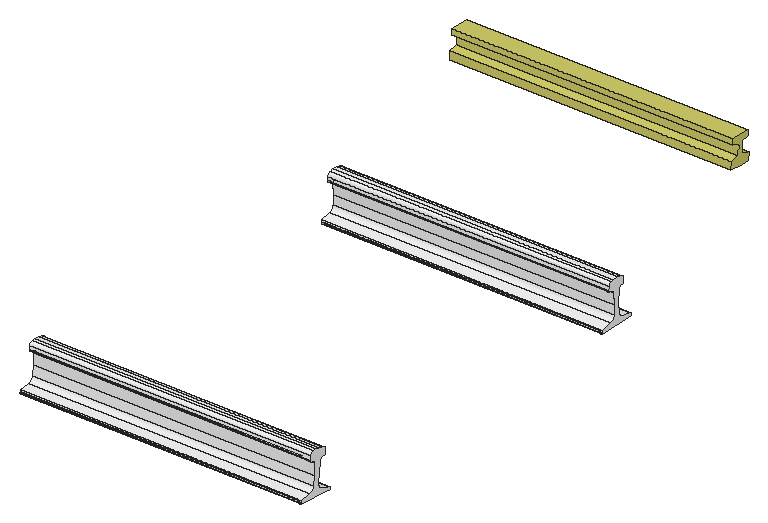
Revit family "L_Rails_ByLine", category Обобщенные модели, Revit 2021
Family settings
  Может служить основой для арматурных стержней = Нет
  Размер круглого соединителя = Использовать диаметр
  Тип детали = Нормальный
  При загрузке вырезать с полостями = Нет
  Общий = Нет
  Точка принадлежности помещению = Нет
Parameters (values of type "L")
  Default Elevation = 0 mm
  built-in parameter 1001306 [instance] = 1200 mm
  Length [instance] = [built-in parameter 1001306]  # 1200 mm
Reference planes
  plane 1 "По центру (Вперед/Назад)": y = 0
  plane 2: z = 0
  plane 3 "Слева": x = 0
  plane 4 "Справа": x = 1200
Forms (mm)
  Sweep 1, solid, material "Металл - Сталь"
    path origin (0, -84.609, 0) x (1, 0, 0) y (0, 1, 0)
      loop
        line (0, 0) -> (1200, 0)
    profile origin (600, -84.609, 0) x (0, 1, 0) y (0, 0, 1)
      loop
        arc (-895.274, 203.009) -> (-891.834, 209.185) -> (-885.515, 212.353) r 12
        line (-885.515, 212.353) -> (-872.857, 214.469)
        arc (-872.857, 214.469) -> (-869.914, 216.113) -> (-868.683, 219.251) r 5
        line (-868.683, 219.251) -> (-868.209, 235.062)
        arc (-868.209, 235.062) -> (-871.052, 244.369) -> (-879.008, 249.972) r 15
        arc (-879.008, 249.972) -> (-886.132, 251.68) -> (-893.383, 252.729) r 80
        arc (-893.383, 252.729) -> (-903.343, 253.627) -> (-913.32, 254.326) r 500
        arc (-913.32, 254.326) -> (-920.645, 254.445) -> (-927.951, 253.894) r 80
        arc (-927.951, 253.894) -> (-936.697, 249.628) -> (-940.986, 240.893) r 15
        line (-940.986, 240.893) -> (-943.035, 225.208)
        arc (-943.035, 225.208) -> (-942.32, 221.914) -> (-939.676, 219.823) r 5
        line (-939.676, 219.823) -> (-927.517, 215.718)
        arc (-927.517, 215.718) -> (-921.782, 211.584) -> (-919.369, 204.94) r 12
        arc (-919.369, 204.94) -> (-918.963, 181.037) -> (-920.102, 157.158) r 370
        arc (-920.102, 157.158) -> (-922.075, 138.206) -> (-924.949, 119.37) r 400
        arc (-924.949, 119.37) -> (-931.973, 105.966) -> (-945.444, 99.071) r 25
        line (-945.444, 99.071) -> (-988.507, 91.871)
        arc (-988.507, 91.871) -> (-990.794, 90.631) -> (-991.834, 88.245) r 4
        line (-991.834, 88.245) -> (-992.32, 82.186)
        arc (-992.32, 82.186) -> (-991.849, 80.729) -> (-990.486, 80.033) r 2
        line (-990.486, 80.033) -> (-844.952, 68.372)
        arc (-844.952, 68.372) -> (-843.496, 68.843) -> (-842.799, 70.206) r 2
        line (-842.799, 70.206) -> (-842.313, 76.266)
        arc (-842.313, 76.266) -> (-842.961, 78.786) -> (-845.021, 80.375) r 4
        line (-845.021, 80.375) -> (-886.389, 94.339)
        arc (-886.389, 94.339) -> (-898.589, 103.292) -> (-903.39, 117.643) r 25
        arc (-903.39, 117.643) -> (-903.228, 136.696) -> (-902.159, 155.72) r 400
        arc (-902.159, 155.72) -> (-899.481, 179.476) -> (-895.274, 203.009) r 370
  Sweep 2, solid, material "Металл - Сталь"
    path origin (0, 1492.188, 89.105) x (1, 0, 0) y (0, 1, 0)
      loop
        line (0, 0) -> (1200, 0)
    profile origin (600, 1492.188, 89.105) x (0, 1, 0) y (0, 0, 1)
      loop
        arc (-880.636, 116.905) -> (-890.636, 116.822) -> (-900.633, 116.539) r 500
        arc (-900.633, 116.539) -> (-907.935, 115.939) -> (-915.151, 114.673) r 80
        arc (-915.151, 114.673) -> (-923.437, 109.57) -> (-926.848, 100.456) r 15
        line (-926.848, 100.456) -> (-927.348, 84.646)
        arc (-927.348, 84.646) -> (-926.313, 81.438) -> (-923.477, 79.616) r 5
        line (-923.477, 79.616) -> (-910.974, 76.724)
        arc (-910.974, 76.724) -> (-904.861, 73.173) -> (-901.808, 66.797) r 12
        arc (-901.808, 66.797) -> (-899.059, 43.049) -> (-897.85, 19.173) r 370
        arc (-897.85, 19.173) -> (-897.954, 0.12) -> (-898.967, -18.907) r 400
        arc (-898.967, -18.907) -> (-904.642, -32.935) -> (-917.371, -41.119) r 25
        line (-917.371, -41.119) -> (-959.52, -52.509)
        arc (-959.52, -52.509) -> (-961.675, -53.968) -> (-962.476, -56.444) r 4
        line (-962.476, -56.444) -> (-962.365, -62.521)
        arc (-962.365, -62.521) -> (-961.753, -63.925) -> (-960.328, -64.485) r 2
        line (-960.328, -64.485) -> (-814.353, -61.811)
        arc (-814.353, -61.811) -> (-812.949, -61.2) -> (-812.39, -59.775) r 2
        line (-812.39, -59.775) -> (-812.501, -53.697)
        arc (-812.501, -53.697) -> (-813.392, -51.252) -> (-815.599, -49.873) r 4
        line (-815.599, -49.873) -> (-858.137, -40.035)
        arc (-858.137, -40.035) -> (-871.157, -32.322) -> (-877.342, -18.511) r 25
        arc (-877.342, -18.511) -> (-879.05, 0.466) -> (-879.853, 19.503) r 400
        arc (-879.853, 19.503) -> (-879.518, 43.407) -> (-877.64, 67.239) r 370
        arc (-877.64, 67.239) -> (-874.823, 73.723) -> (-868.844, 77.495) r 12
        line (-868.844, 77.495) -> (-856.455, 80.843)
        arc (-856.455, 80.843) -> (-853.688, 82.768) -> (-852.771, 86.011) r 5
        line (-852.771, 86.011) -> (-853.85, 101.793)
        arc (-853.85, 101.793) -> (-857.592, 110.776) -> (-866.059, 115.572) r 15
        arc (-866.059, 115.572) -> (-873.317, 116.572) -> (-880.636, 116.905) r 80
  Sweep 3, solid, material "Steel_Yellow_ForContactRail"
    path origin (0, 2334.106, 314.974) x (1, 0, 0) y (0, 1, 0)
      loop
        line (0, 0) -> (1200, 0)
    profile origin (600, 2334.106, 314.974) x (0, 1, 0) y (0, 0, 1)
      loop
        line (-1110.151, 151.342) -> (-1110.847, 128.875) -> (-1080.66, 120.336) -> (-1082.068, 75.348) -> (-1117.389, 67.734) -> (-1118.399, 35.031)
        arc (-1118.399, 35.031) -> (-1096.003, 32.779) -> (-1073.527, 31.537) r 500
        arc (-1073.527, 31.537) -> (-1050.979, 31.309) -> (-1028.443, 32.098) r 500
        line (-1028.443, 32.098) -> (-1027.44, 64.806) -> (-1062.085, 74.68) -> (-1060.679, 119.72) -> (-1029.914, 126.228) -> (-1029.193, 148.717) -> (-1069.655, 150.039) -> (-1110.151, 151.342)
Lines and regions (mm)
  reference lines
    curve 1: line (0, 0, 0) -> (1200, 0, 0)
Dimensions and locks
  "built-in parameter 1001306": plane 3 "Слева" to plane 4 "Справа"
  "Length": Sweep 1 sketch curve to Sweep 1 sketch curve
  "Length": Sweep 2 sketch curve to Sweep 2 sketch curve
  "Length": Sweep 3 sketch curve to Sweep 3 sketch curve
  aligned and locked: plane 4 "Справа" to curve 1
  aligned and locked: plane 1 "По центру (Вперед/Назад)" to curve 1
  aligned and locked: plane 3 "Слева" to curve 1
  aligned and locked: level to plane 2
Automatic sketch dimensions
  profile plane to Sweep 2 sketch curve = 11.85 mm
  profile plane to Sweep 2 sketch curve = 1297.782 mm
  Sweep 2 sketch curve to Sweep 2 sketch curve = 29.995 mm  (x2)
  Sweep 2 sketch curve to profile plane = 56.444 mm
  Sweep 2 sketch curve to Sweep 2 sketch curve = 305.312 mm
  Sweep 2 sketch curve to profile plane = 62.521 mm
  Sweep 2 sketch curve to Sweep 2 sketch curve = 0.111 mm
  Sweep 2 sketch curve to Sweep 2 sketch curve = 2 mm  (x2)
  Sweep 2 sketch curve to profile plane = 64.485 mm
  Sweep 2 sketch curve to Sweep 2 sketch curve = 0.037 mm  (x2)
  Sweep 2 sketch curve to profile plane = 52.509 mm
  Sweep 2 sketch curve to Sweep 2 sketch curve = 2.956 mm
  Sweep 2 sketch curve to Sweep 2 sketch curve = 3.999 mm  (x2)
  profile plane to Sweep 2 sketch curve = 84.646 mm
  Sweep 2 sketch curve to Sweep 2 sketch curve = 32.172 mm
  profile plane to Sweep 2 sketch curve = 100.456 mm
  Sweep 2 sketch curve to Sweep 2 sketch curve = 0.501 mm
  Sweep 2 sketch curve to profile plane = 16.985 mm
  Sweep 2 sketch curve to Sweep 2 sketch curve = 35.627 mm
  profile plane to Sweep 2 sketch curve = 79.616 mm
  Sweep 2 sketch curve to Sweep 2 sketch curve = 3.871 mm
  Sweep 2 sketch curve to Sweep 2 sketch curve = 4.997 mm
  Sweep 2 sketch curve to profile plane = 41.119 mm
  Sweep 2 sketch curve to Sweep 2 sketch curve = 6.522 mm
  Sweep 2 sketch curve to Sweep 2 sketch curve = 9.8 mm
  Sweep 2 sketch curve to Sweep 2 sketch curve = 14.994 mm
  profile plane to Sweep 2 sketch curve = 76.724 mm
  Sweep 2 sketch curve to Sweep 2 sketch curve = 2.704 mm
  Sweep 2 sketch curve to Sweep 2 sketch curve = 15.942 mm
  Sweep 2 sketch curve to Sweep 2 sketch curve = 78.847 mm
  Sweep 2 sketch curve to Sweep 2 sketch curve = 17.132 mm
  profile plane to Sweep 2 sketch curve = 77.495 mm
  Sweep 2 sketch curve to Sweep 2 sketch curve = 42.129 mm
  Sweep 2 sketch curve to Sweep 2 sketch curve = 0.026 mm
  Sweep 2 sketch curve to Sweep 2 sketch curve = 3.13 mm
  Sweep 2 sketch curve to profile plane = 40.035 mm
  Sweep 2 sketch curve to Sweep 2 sketch curve = 40.83 mm
  Sweep 2 sketch curve to Sweep 2 sketch curve = 11.085 mm
  profile plane to Sweep 2 sketch curve = 80.843 mm
  Sweep 2 sketch curve to Sweep 2 sketch curve = 1.304 mm
  profile plane to Sweep 2 sketch curve = 101.793 mm
  Sweep 2 sketch curve to Sweep 2 sketch curve = 14.969 mm
  profile plane to Sweep 2 sketch curve = 86.011 mm
  Sweep 2 sketch curve to Sweep 2 sketch curve = 4.988 mm
  Sweep 2 sketch curve to profile plane = 15.678 mm
  Sweep 2 sketch curve to Sweep 2 sketch curve = 5.634 mm
  Sweep 2 sketch curve to Sweep 2 sketch curve = 41.636 mm
  Sweep 2 sketch curve to profile plane = 49.873 mm
  Sweep 2 sketch curve to Sweep 2 sketch curve = 0.901 mm
  Sweep 2 sketch curve to Sweep 2 sketch curve = 2.111 mm
  Sweep 2 sketch curve to profile plane = 61.811 mm
  Sweep 2 sketch curve to profile plane = 53.697 mm
  Sweep 2 sketch curve to profile plane = 59.775 mm
  profile plane to Sweep 2 sketch curve = 26.278 mm
  Sweep 2 sketch curve to Sweep 2 sketch curve = 302.586 mm
  Sweep 2 sketch curve to Sweep 2 sketch curve = 318.61 mm
  profile plane to Sweep 2 sketch curve = 12.399 mm
  Sweep 2 sketch curve to Sweep 2 sketch curve = 0.549 mm
  profile plane to Sweep 2 sketch curve = 36.591 mm
  Sweep 2 sketch curve to Sweep 2 sketch curve = 0.314 mm
  Sweep 2 sketch curve to Sweep 2 sketch curve = 11.691 mm
  Sweep 2 sketch curve to Sweep 2 sketch curve = 11.585 mm
  Sweep 2 sketch curve to Sweep 2 sketch curve = 0.416 mm
  Sweep 2 sketch curve to Sweep 2 sketch curve = 0.965 mm
  Sweep 2 sketch curve to Sweep 2 sketch curve = 3.298 mm
  Sweep 2 sketch curve to Sweep 2 sketch curve = 0 mm  (x3)
  Sweep 2 sketch curve to Sweep 2 sketch curve = 14.518 mm
  Sweep 2 sketch curve to Sweep 2 sketch curve = 11.817 mm
  Sweep 2 sketch curve to Sweep 2 sketch curve = 0.752 mm
  Sweep 3 sketch curve to Sweep 3 sketch curve = 0 mm  (x2)
  profile plane to Sweep 3 sketch curve = 35.031 mm
  profile plane to Sweep 3 sketch curve = 1118.399 mm
  profile plane to Sweep 3 sketch curve = 67.734 mm
  Sweep 3 sketch curve to Sweep 3 sketch curve = 1.011 mm
  profile plane to Sweep 3 sketch curve = 128.875 mm
  Sweep 3 sketch curve to Sweep 3 sketch curve = 6.542 mm
  profile plane to Sweep 3 sketch curve = 151.342 mm
  Sweep 3 sketch curve to Sweep 3 sketch curve = 0.696 mm
  profile plane to Sweep 3 sketch curve = 75.348 mm
  Sweep 3 sketch curve to Sweep 3 sketch curve = 35.321 mm
  profile plane to Sweep 3 sketch curve = 120.336 mm
  Sweep 3 sketch curve to Sweep 3 sketch curve = 30.187 mm
  profile plane to Sweep 3 sketch curve = 150.039 mm
  Sweep 3 sketch curve to Sweep 3 sketch curve = 11.005 mm
  profile plane to Sweep 3 sketch curve = 74.68 mm
  Sweep 3 sketch curve to Sweep 3 sketch curve = 19.983 mm
  profile plane to Sweep 3 sketch curve = 119.72 mm
  Sweep 3 sketch curve to Sweep 3 sketch curve = 19.98 mm
  Sweep 3 sketch curve to Sweep 3 sketch curve = 12.457 mm
  profile plane to Sweep 3 sketch curve = 126.228 mm
  Sweep 3 sketch curve to Sweep 3 sketch curve = 30.766 mm
  profile plane to Sweep 3 sketch curve = 148.717 mm
  Sweep 3 sketch curve to Sweep 3 sketch curve = 0.72 mm
  profile plane to Sweep 3 sketch curve = 32.098 mm
  Sweep 3 sketch curve to Sweep 3 sketch curve = 33.642 mm
  profile plane to Sweep 3 sketch curve = 64.806 mm
  Sweep 3 sketch curve to Sweep 3 sketch curve = 1.003 mm
  profile plane to Sweep 3 sketch curve = 31.537 mm
  level to Sweep 1 sketch curve = 189.103 mm
  profile plane to Sweep 1 sketch curve = 1318.824 mm
  Sweep 1 sketch curve to Sweep 1 sketch curve = 29.904 mm  (x2)
  level to Sweep 1 sketch curve = 82.186 mm
  Sweep 1 sketch curve to Sweep 1 sketch curve = 296.6 mm
  level to Sweep 1 sketch curve = 88.245 mm
  Sweep 1 sketch curve to Sweep 1 sketch curve = 0.485 mm
  level to Sweep 1 sketch curve = 80.033 mm
  Sweep 1 sketch curve to Sweep 1 sketch curve = 1.834 mm
  Sweep 1 sketch curve to Sweep 1 sketch curve = 0.16 mm  (x2)
  level to Sweep 1 sketch curve = 91.871 mm
  Sweep 1 sketch curve to Sweep 1 sketch curve = 3.328 mm
  Sweep 1 sketch curve to Sweep 1 sketch curve = 3.987 mm  (x2)
  Sweep 1 sketch curve to Sweep 1 sketch curve = 38.94 mm
  level to Sweep 1 sketch curve = 99.071 mm
  Sweep 1 sketch curve to Sweep 1 sketch curve = 4.122 mm
  Sweep 1 sketch curve to Sweep 1 sketch curve = 47.21 mm
  level to Sweep 1 sketch curve = 225.208 mm
  Sweep 1 sketch curve to Sweep 1 sketch curve = 6.531 mm
  Sweep 1 sketch curve to Sweep 1 sketch curve = 2.049 mm
  level to Sweep 1 sketch curve = 219.823 mm
  Sweep 1 sketch curve to Sweep 1 sketch curve = 3.359 mm
  Sweep 1 sketch curve to Sweep 1 sketch curve = 4.958 mm
  Sweep 1 sketch curve to Sweep 1 sketch curve = 8.322 mm
  level to Sweep 1 sketch curve = 215.718 mm
  Sweep 1 sketch curve to Sweep 1 sketch curve = 3.838 mm
  Sweep 1 sketch curve to Sweep 1 sketch curve = 14.881 mm
  Sweep 1 sketch curve to Sweep 1 sketch curve = 13.075 mm
  Sweep 1 sketch curve to Sweep 1 sketch curve = 17.08 mm
  level to Sweep 1 sketch curve = 94.339 mm
  Sweep 1 sketch curve to Sweep 1 sketch curve = 59.055 mm
  level to Sweep 1 sketch curve = 212.353 mm
  Sweep 1 sketch curve to Sweep 1 sketch curve = 42.002 mm
  Sweep 1 sketch curve to Sweep 1 sketch curve = 1.979 mm
  Sweep 1 sketch curve to Sweep 1 sketch curve = 2.314 mm
  Sweep 1 sketch curve to Sweep 1 sketch curve = 7.996 mm
  Sweep 1 sketch curve to Sweep 1 sketch curve = 11.834 mm
  level to Sweep 1 sketch curve = 214.469 mm
  Sweep 1 sketch curve to Sweep 1 sketch curve = 0.824 mm
  level to Sweep 1 sketch curve = 219.251 mm
  Sweep 1 sketch curve to Sweep 1 sketch curve = 4.998 mm
  level to Sweep 1 sketch curve = 235.062 mm
  Sweep 1 sketch curve to Sweep 1 sketch curve = 14.991 mm
  Sweep 1 sketch curve to Sweep 1 sketch curve = 40.088 mm
  level to Sweep 1 sketch curve = 80.375 mm
  Sweep 1 sketch curve to Sweep 1 sketch curve = 1.279 mm
  level to Sweep 1 sketch curve = 68.372 mm
  Sweep 1 sketch curve to Sweep 1 sketch curve = 1.348 mm
  level to Sweep 1 sketch curve = 70.206 mm
  Sweep 1 sketch curve to Sweep 1 sketch curve = 1.994 mm
  level to Sweep 1 sketch curve = 76.266 mm
  level to Sweep 1 sketch curve = 126.17 mm
  Sweep 1 sketch curve to Sweep 1 sketch curve = 308.973 mm
  Sweep 1 sketch curve to level = 244.775 mm
  Sweep 1 sketch curve to Sweep 1 sketch curve = 23.687 mm
  Sweep 1 sketch curve to Sweep 1 sketch curve = 24.658 mm
  Sweep 1 sketch curve to Sweep 1 sketch curve = 2.396 mm  (x2)
  Sweep 1 sketch curve to Sweep 1 sketch curve = 39.241 mm
  Sweep 1 sketch curve to Sweep 1 sketch curve = 1.368 mm
  Sweep 1 sketch curve to Sweep 1 sketch curve = 11.836 mm
  Sweep 1 sketch curve to Sweep 1 sketch curve = 11.37 mm
  Sweep 1 sketch curve to Sweep 1 sketch curve = 0.508 mm
  Sweep 1 sketch curve to Sweep 1 sketch curve = 14.447 mm
  Sweep 1 sketch curve to Sweep 1 sketch curve = 1.885 mm
  Sweep 1 sketch curve to Sweep 1 sketch curve = 1.846 mm
  Sweep 1 sketch curve to Sweep 1 sketch curve = 0 mm  (x4)
  Sweep 1 sketch curve to Sweep 1 sketch curve = 14.631 mm
  Sweep 1 sketch curve to Sweep 1 sketch curve = 10.183 mm
  Sweep 1 sketch curve to plane 3 "Слева" = 0 mm
  plane 1 "По центру (Вперед/Назад)" to Sweep 1 sketch curve = 84.609 mm
  Sweep 2 sketch curve to plane 3 "Слева" = 0 mm
  Sweep 2 sketch curve to plane 1 "По центру (Вперед/Назад)" = 1492.188 mm
  Sweep 3 sketch curve to plane 3 "Слева" = 0 mm
  Sweep 3 sketch curve to plane 1 "По центру (Вперед/Назад)" = 2334.106 mm
